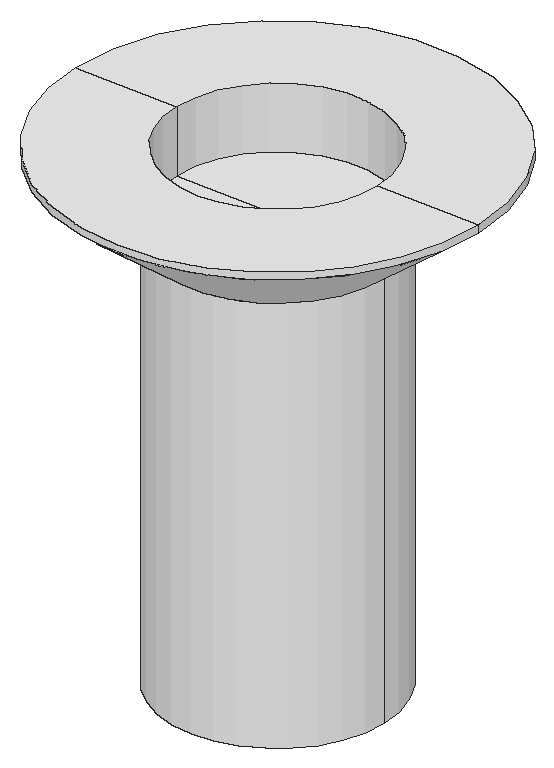
Revit family "Valvula_Escoamento", category Plumbing Fixtures, host Face, Revit 2025
Family settings
  Host = Face
  Round Connector Dimension = Use Diameter
  Part Type = Normal
  OmniClass Number = 23.45.00.00
  OmniClass Title = Sanitary, Laundry, and Cleaning Equipment
  Enable Cutting in Views = No
  Cut with Voids When Loaded = Yes
  Maintain Annotation Orientation = No
  Shared = Yes
  Room Calculation Point = No
Parameters (values of type "Válvula_Escoamento")
  Waste Connection = 1 = 0  # no
  WFU = 0  # constant formula
  Vent Connection = 1 = 0  # no
  URL = "http://www.celite.com.br"
  Selo de Qualidade ofcdesk = "Standard"  # constant formula
  Raio1 [instance] = 16 mm
  Raio2 [instance] = 30 mm
  Raio furo [instance] = 15 mm
  Model = Celite: Código  # "B5828C5CR3"
  Metais [instance] = Fiocruz_Cromados
  Manufacturer = Celite: Fabricante  # "Celite"
  L/Rosca [instance] = 59.5 mm
  HWFU = 0  # constant formula
  HW Connection = 1 = 0  # no
  Desenvolvido por = "ofcdesk"  # constant formula
  Description = Celite: Descrição  # "Válvula de escoamento para lavatório, 1\" sem ladrão com tampa plástica (B5828C5CR3), Complementos - Metais Celite"
  Default Elevation = 0 mm
  Comprimento [instance] = 70.5 mm
  Celite: Versão = "Autodesk Revit MEP 2014"  # constant formula
  Celite: Tipo = "Válvulas de escoamento"  # constant formula
  Celite: Produto = "Metais"  # constant formula
  Celite: Norma [instance] = "ABNT NBR 15423:2006 - Requisitos e métodos de ensaio"
  Celite: Link do Produto = "http://www.celite.com.br/pt/produtos/categoria/2/tipo/10/subtipo/19/"
  Celite: Linha = "Válvulas"  # constant formula
  Celite: Informações Técnicas = "N/A"
  Celite: Informações Gerais = "N/A"
  Celite: Fabricante = "Celite"  # constant formula
  Celite: Desenho Técnico = "http://www.celite.com.br/media/uploads/desenhos_tecnicos/A5828C5CR3_Valvula_de_escoamento_Lavatorio.pdf"
  Celite: Descrição = "Válvula de escoamento para lavatório, 1\" sem ladrão com tampa plástica (B5828C5CR3), Complementos - Metais Celite"
  Celite: Código = "B5828C5CR3"
  Celite: Cores Disponíveis = "Cromado"
  Celite: Copyright © = "© 2014 Celite"  # constant formula
  Celite: Categoria = "Complementos"  # constant formula
  CW Connection = 1 = 0  # no
  Assembly Code = "D2010"
Reference planes
  plane 1 "Center (Front/Back)": y = 0
  plane 2: z = 0
  plane 3 "Center (Left/Right)": x = 0
  plane 4: z = -70.5
  plane 5: z = -11
Forms (mm)
  Revolve 1, solid, material "Fiocruz_Cromados" <- "Metais"
    sketch origin (0, 0, 0) x (1, 0, 0) y (0, 0, 1)
      loop
        line (0, -8.185) -> (-15, -8.185) -> (-15, 1) -> (-30, 1) -> (-30, 0) -> (-16, -11) -> (-16, -70.5) -> (0, -70.5) -> (0, -8.185)
      axis (0, 1) -> (0, -70.5)
    angle from 0 to 360
Dimensions and locks
  "Comprimento": level to plane 4
  "L/Rosca": plane 5 to plane 4
  "Raio1": plane 3 "Center (Left/Right)" to Revolve 1 sketch curve
  "Raio2": plane 3 "Center (Left/Right)" to Revolve 1 sketch curve
  locked: plane 2 to Revolve 1 sketch curve at 8.185
  "Raio furo": plane 3 "Center (Left/Right)" to Revolve 1 sketch curve
  aligned and locked: plane 2 to host face
  aligned and locked: level to host face
  aligned and locked: Revolve 1 sketch curve to plane 3 "Center (Left/Right)"  (x2)
  aligned and locked: plane 5 to Revolve 1 sketch curve
  aligned and locked: plane 4 to Revolve 1 sketch curve
  aligned and locked: level to Revolve 1 sketch curve
Automatic sketch dimensions
  host sketch curve to host sketch curve = 799.59 mm
  host sketch curve to host sketch curve = 800.224 mm
  Revolve 1 sketch curve to Revolve 1 sketch curve = 1 mm
  level to Revolve 1 sketch curve = 25 mm
  Revolve 1 sketch curve to Revolve 1 sketch curve = 60 mm
